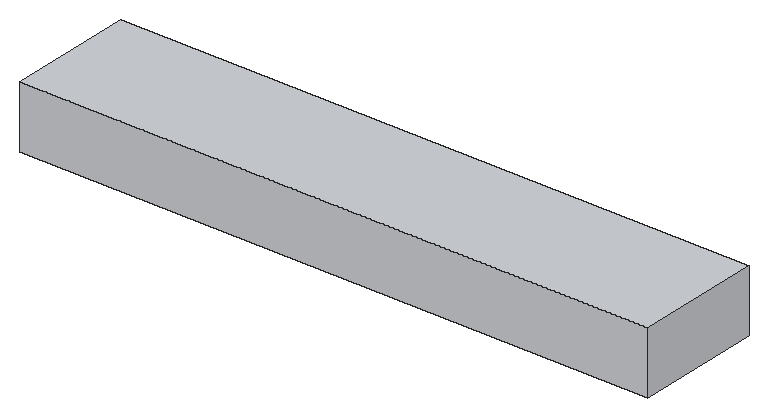
Revit family "電線管用ファミリ(片側のみ)_21", category Electrical Fixtures, Revit 2021
Family settings
  Maintain Annotation Orientation = No
  Round Connector Dimension = Use Diameter
  Part Type = Normal
  OmniClass Number = 23.80.00.00
  OmniClass Title = Electric Power and Lighting
  Work Plane-Based = No
  Always vertical = Yes
  Cut with Voids When Loaded = No
  Shared = No
  Room Calculation Point = No
Parameters
  コネクタ直径 [instance] = 16 mm
  W [instance] = 500 mm
  Default Elevation = 0 mm
  D [instance] = 100 mm
Reference planes
  plane 1 "Center (Front/Back)": y = 0
  plane 2: z = 0
  plane 3 "Center (Left/Right)": x = 0
  plane 4: x = -250
  plane 5: x = 250
  plane 6: y = 50
  plane 7: y = -50
  plane 8: z = 50
Forms (mm)
  Extrusion 1, solid
    sketch origin (0, 0, 0) x (1, 0, 0) y (0, 1, 0)
      loop
        line (-250, 50) -> (-250, -50) -> (250, -50) -> (250, 50) -> (-250, 50)
    from 0 to 50
Dimensions and locks
  equal spacing: plane 4, plane 3 "Center (Left/Right)", plane 5
  "W": plane 4 to plane 5
  equal spacing: plane 6, plane 1 "Center (Front/Back)", plane 7
  "D": plane 6 to plane 7
  aligned and locked: level to plane 2
  aligned and locked: plane 8 to Extrusion 1
Automatic sketch dimensions
  Extrusion 1 sketch curve to plane 4 = 0 mm
  Extrusion 1 sketch curve to plane 5 = 0 mm
  Extrusion 1 sketch curve to plane 7 = 0 mm
  Extrusion 1 sketch curve to plane 6 = 0 mm
Connectors
  cabletrayconduit at (0, 0, 50), diameter 16
    settings: on Extrusion 1, index 1, connector width 300 mm, connector height 300 mm, connector angle 0.00°, system type 32, placement type 0, profile type 0, connector reference index -1, is primary connector yes, connector utility param no, connector description ""
